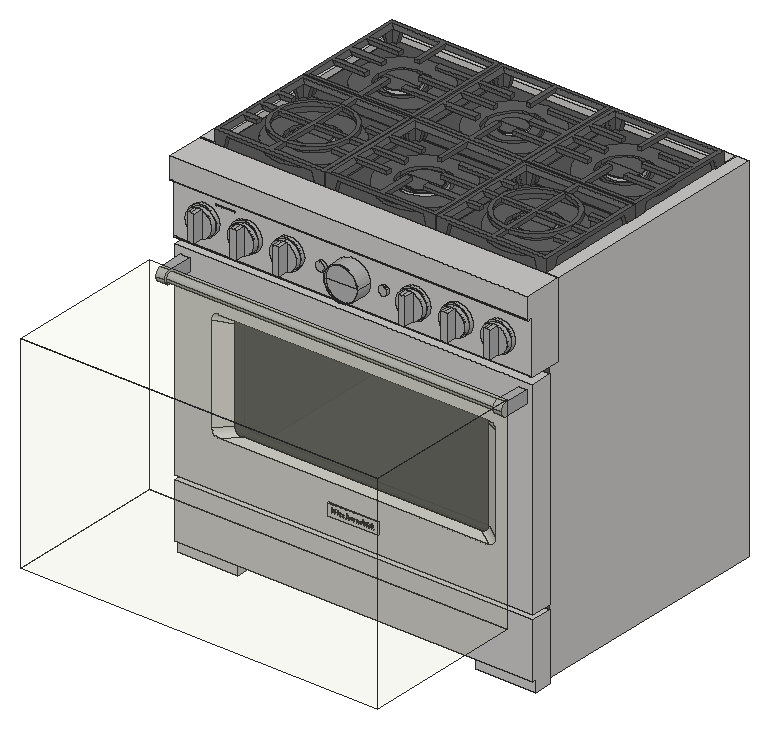
Revit family "P191568KX-127c_KFDC506J", category Specialty Equipment, Revit 2026 (continued)
Automatic sketch dimensions
  Revolve 40 sketch curve to Revolve 40 sketch curve = 0.06576"  (x2)
  level to Revolve 40 sketch curve = 1.37674"  (x2)
  Revolve 40 sketch curve to Revolve 40 sketch curve = 0.0842"  (x2)
  level to Revolve 40 sketch curve = 1.50218"
  Revolve 40 sketch curve to Revolve 40 sketch curve = 0.08784"  (x2)
  Revolve 40 sketch curve to Revolve 40 sketch curve = 21/32"
  Revolve 40 sketch curve to Revolve 40 sketch curve = 0.17253"  (x2)
  Revolve 40 sketch curve to Revolve 40 sketch curve = 0.12544"
  Revolve 40 sketch curve to Revolve 40 sketch curve = 0.49782"
  Revolve 40 sketch curve to Revolve 40 sketch curve = 0.09134"
  Revolve 40 sketch curve to Revolve 40 sketch curve = 0.10596"
  Revolve 40 sketch curve to Revolve 40 sketch curve = 0"
  Extrusion 41 sketch curve to plane 5 = 8.9938"
  Extrusion 41 sketch curve to Extrusion 41 sketch curve = 1/4"  (x7)
  Extrusion 41 sketch curve to Extrusion 41 sketch curve = 1.94595"
  Extrusion 41 sketch curve to Extrusion 41 sketch curve = 0"
  Extrusion 42 sketch curve to plane 5 = 3.15"
  Extrusion 42 sketch curve to Extrusion 42 sketch curve = 2.1"
  level to Extrusion 42 sketch curve = 7 1/8"
  plane 7 to Extrusion 42 sketch curve = 8 3/16"
  plane 1 "Center (Front/Back)" to Extrusion 45 sketch curve = 1.6"
  Extrusion 45 sketch curve to plane 3 "Center (Left/Right)" = 5 1/2"
  plane 3 "Center (Left/Right)" to Extrusion 45 sketch curve = 5 1/2"
  Extrusion 45 sketch curve to Extrusion 45 sketch curve = 11"
  plane 1 "Center (Front/Back)" to Extrusion 46 sketch curve = 1.6"
  plane 3 "Center (Left/Right)" to Extrusion 46 sketch curve = 5.65"
  Extrusion 46 sketch curve to plane 8 = 1.2875"
  Extrusion 46 sketch curve to Extrusion 46 sketch curve = 11"
  plane 4 to Extrusion 47 sketch curve = 1.2875"
  Extrusion 47 sketch curve to plane 3 "Center (Left/Right)" = 5.65"
  Extrusion 47 sketch curve to plane 5 = 6 1/2"
  Extrusion 47 sketch curve to Extrusion 47 sketch curve = 11"
  Extrusion 48 sketch curve to plane 3 "Center (Left/Right)" = 5 1/2"
  plane 3 "Center (Left/Right)" to Extrusion 48 sketch curve = 5 1/2"
  Extrusion 48 sketch curve to plane 5 = 6 1/2"
  Extrusion 48 sketch curve to Extrusion 48 sketch curve = 11"
  plane 3 "Center (Left/Right)" to Extrusion 49 sketch curve = 5.65"
  Extrusion 49 sketch curve to plane 8 = 1.2875"
  Extrusion 49 sketch curve to plane 5 = 6 1/2"
  Extrusion 49 sketch curve to Extrusion 49 sketch curve = 11"
  plane 1 "Center (Front/Back)" to Sweep 50 sketch curve = 1.6"
  Sweep 50 sketch curve to plane 3 "Center (Left/Right)" = 5.65"
  Sweep 50 sketch curve to Sweep 50 sketch curve = 11"
  plane 4 to Sweep 50 sketch curve = 1.2875"
  Sweep 50 sketch curve to profile plane = 0"  (x2)
  Sweep 50 sketch curve to Sweep 50 sketch curve = 0.35"
  Sweep 50 sketch curve to Sweep 50 sketch curve = 0.24507"
  Sweep 50 sketch curve to profile plane = 0.35"
  plane 7 to Extrusion 51 sketch curve = 0.48646"
  plane 4 to Extrusion 51 sketch curve = 1.2875"
  Extrusion 51 sketch curve to Extrusion 51 sketch curve = 0.86965"
  Extrusion 51 sketch curve to Extrusion 51 sketch curve = 1.22441"
  Extrusion 51 sketch curve to plane 7 = 0.8375"
  plane 7 to Extrusion 52 sketch curve = 0.48646"
  plane 1 "Center (Front/Back)" to Extrusion 52 sketch curve = 1.6"
  Extrusion 52 sketch curve to Extrusion 52 sketch curve = 0.86965"
  Extrusion 52 sketch curve to Extrusion 52 sketch curve = 1.22441"
  Extrusion 52 sketch curve to plane 7 = 0.8375"
  plane 7 to Extrusion 53 sketch curve = 0.48646"
  plane 4 to Extrusion 53 sketch curve = 1.2875"
  Extrusion 53 sketch curve to Extrusion 53 sketch curve = 0.86965"
  Extrusion 53 sketch curve to Extrusion 53 sketch curve = 1.22441"
  Extrusion 53 sketch curve to plane 7 = 0.8375"
  plane 7 to Extrusion 54 sketch curve = 0.48646"
  plane 1 "Center (Front/Back)" to Extrusion 54 sketch curve = 12.6"
  Extrusion 54 sketch curve to Extrusion 54 sketch curve = 0.86965"
  Extrusion 54 sketch curve to Extrusion 54 sketch curve = 1.22441"
  Extrusion 54 sketch curve to plane 7 = 0.8375"
  plane 7 to Extrusion 55 sketch curve = 0.48646"
  Extrusion 55 sketch curve to plane 3 "Center (Left/Right)" = 5.65"
  Extrusion 55 sketch curve to Extrusion 55 sketch curve = 0.86965"
  Extrusion 55 sketch curve to Extrusion 55 sketch curve = 1.22441"
  Extrusion 55 sketch curve to plane 7 = 0.8375"
  plane 7 to Extrusion 56 sketch curve = 0.48646"
  plane 1 "Center (Front/Back)" to Extrusion 56 sketch curve = 1.6"
  Extrusion 56 sketch curve to Extrusion 56 sketch curve = 0.86965"
  Extrusion 56 sketch curve to Extrusion 56 sketch curve = 1.22441"
  Extrusion 56 sketch curve to plane 7 = 0.8375"
  plane 7 to Extrusion 57 sketch curve = 0.48646"
  Extrusion 57 sketch curve to plane 3 "Center (Left/Right)" = 5.65"
  Extrusion 57 sketch curve to Extrusion 57 sketch curve = 0.86965"
  Extrusion 57 sketch curve to Extrusion 57 sketch curve = 1.22441"
  Extrusion 57 sketch curve to plane 7 = 0.8375"
  plane 7 to Extrusion 58 sketch curve = 0.48646"
  plane 1 "Center (Front/Back)" to Extrusion 58 sketch curve = 12.6"
  Extrusion 58 sketch curve to Extrusion 58 sketch curve = 0.86965"
  Extrusion 58 sketch curve to Extrusion 58 sketch curve = 1.22441"
  Extrusion 58 sketch curve to plane 7 = 0.8375"
  plane 1 "Center (Front/Back)" to Extrusion 59 sketch curve = 6 7/8"
  Extrusion 59 sketch curve to Extrusion 59 sketch curve = 0.45"
  plane 4 to Extrusion 59 sketch curve = 1.6375"
  Extrusion 59 sketch curve to Extrusion 59 sketch curve = 3.3"
  plane 1 "Center (Front/Back)" to Extrusion 60 sketch curve = 9.025"
  Extrusion 60 sketch curve to Extrusion 60 sketch curve = 0.45"
  plane 4 to Extrusion 60 sketch curve = 1.6375"
  Extrusion 60 sketch curve to Extrusion 60 sketch curve = 3.3"
  plane 1 "Center (Front/Back)" to Extrusion 61 sketch curve = 5.175"
  Extrusion 61 sketch curve to Extrusion 61 sketch curve = 0.45"
  plane 4 to Extrusion 61 sketch curve = 4 15/16"
  plane 4 to Extrusion 61 sketch curve = 1.6375"
  plane 4 to Extrusion 62 sketch curve = 6 9/16"
  Extrusion 62 sketch curve to Extrusion 62 sketch curve = 0.45"
  plane 1 "Center (Front/Back)" to Extrusion 62 sketch curve = 5.2"
  plane 1 "Center (Front/Back)" to Extrusion 62 sketch curve = 1.95"
  Extrusion 63 sketch curve to Extrusion 63 sketch curve = 0"  (x2)
  plane 4 to Extrusion 63 sketch curve = 6.7875"
  plane 1 "Center (Front/Back)" to Extrusion 63 sketch curve = 7.1"
  Extrusion 64 sketch curve to Extrusion 64 sketch curve = 0"  (x2)
  plane 4 to Extrusion 64 sketch curve = 6.7875"
  plane 1 "Center (Front/Back)" to Extrusion 64 sketch curve = 7.1"
  plane 7 to Revolve 65 sketch curve = 0.48646"
  plane 4 to Revolve 65 sketch curve = 6.7875"
  Revolve 65 sketch curve to plane 7 = 0.14889"
  Revolve 65 sketch curve to Revolve 65 sketch curve = 1.64255"
  Revolve 65 sketch curve to Revolve 65 sketch curve = 0.06057"  (x2)
  Revolve 65 sketch curve to Revolve 65 sketch curve = 0"
  Revolve 65 sketch curve to Revolve 65 sketch curve = 0.41094"
  Revolve 65 sketch curve to Revolve 65 sketch curve = 0.8806"
  plane 1 "Center (Front/Back)" to Extrusion 66 sketch curve = 6 7/8"
  Extrusion 66 sketch curve to Extrusion 66 sketch curve = 0.45"
  plane 4 to Extrusion 66 sketch curve = 8.6375"
  Extrusion 66 sketch curve to Extrusion 66 sketch curve = 3.3"
  plane 1 "Center (Front/Back)" to Extrusion 67 sketch curve = 9.025"
  Extrusion 67 sketch curve to Extrusion 67 sketch curve = 0.45"
  plane 4 to Extrusion 67 sketch curve = 8.6375"
  Extrusion 67 sketch curve to Extrusion 67 sketch curve = 3.3"
  plane 1 "Center (Front/Back)" to Extrusion 68 sketch curve = 5.175"
  Extrusion 68 sketch curve to Extrusion 68 sketch curve = 0.45"
  Extrusion 68 sketch curve to plane 3 "Center (Left/Right)" = 6"
  Extrusion 68 sketch curve to Extrusion 68 sketch curve = 3.3"
  plane 4 to Extrusion 69 sketch curve = 6 9/16"
  Extrusion 69 sketch curve to Extrusion 69 sketch curve = 0.45"
  plane 1 "Center (Front/Back)" to Extrusion 69 sketch curve = 12 1/4"
  Extrusion 69 sketch curve to Extrusion 69 sketch curve = 3 1/4"
  plane 1 "Center (Front/Back)" to Sweep 70 sketch curve = 1.6"
  Sweep 70 sketch curve to plane 8 = 1.2875"
  Sweep 70 sketch curve to Sweep 70 sketch curve = 11"
  plane 3 "Center (Left/Right)" to Sweep 70 sketch curve = 5.65"
  Sweep 70 sketch curve to profile plane = 0"  (x2)
  Sweep 70 sketch curve to Sweep 70 sketch curve = 0.35"
  Sweep 70 sketch curve to Sweep 70 sketch curve = 0.24507"
  Sweep 70 sketch curve to profile plane = 0.35"
  plane 7 to Extrusion 71 sketch curve = 0.48646"
  plane 3 "Center (Left/Right)" to Extrusion 71 sketch curve = 5.65"
  Extrusion 71 sketch curve to Extrusion 71 sketch curve = 0.86965"
  Extrusion 71 sketch curve to Extrusion 71 sketch curve = 1.22441"
  Extrusion 71 sketch curve to plane 7 = 0.8375"
  plane 7 to Extrusion 72 sketch curve = 0.48646"
  plane 1 "Center (Front/Back)" to Extrusion 72 sketch curve = 1.6"
  Extrusion 72 sketch curve to Extrusion 72 sketch curve = 0.86965"
  Extrusion 72 sketch curve to Extrusion 72 sketch curve = 1.22441"
  Extrusion 72 sketch curve to plane 7 = 0.8375"
  plane 7 to Extrusion 73 sketch curve = 0.48646"
  plane 3 "Center (Left/Right)" to Extrusion 73 sketch curve = 5.65"
  Extrusion 73 sketch curve to Extrusion 73 sketch curve = 0.86965"
  Extrusion 73 sketch curve to Extrusion 73 sketch curve = 1.22441"
  Extrusion 73 sketch curve to plane 7 = 0.8375"
  plane 7 to Extrusion 74 sketch curve = 0.48646"
  plane 1 "Center (Front/Back)" to Extrusion 74 sketch curve = 12.6"
  Extrusion 74 sketch curve to Extrusion 74 sketch curve = 0.86965"
  Extrusion 74 sketch curve to Extrusion 74 sketch curve = 1.22441"
  Extrusion 74 sketch curve to plane 7 = 0.8375"
  plane 7 to Extrusion 75 sketch curve = 0.48646"
  Extrusion 75 sketch curve to plane 8 = 1.2875"
  Extrusion 75 sketch curve to Extrusion 75 sketch curve = 0.86965"
  Extrusion 75 sketch curve to Extrusion 75 sketch curve = 1.22441"
  Extrusion 75 sketch curve to plane 7 = 0.8375"
  plane 7 to Extrusion 76 sketch curve = 0.48646"
  plane 1 "Center (Front/Back)" to Extrusion 76 sketch curve = 1.6"
  Extrusion 76 sketch curve to Extrusion 76 sketch curve = 0.86965"
  Extrusion 76 sketch curve to Extrusion 76 sketch curve = 1.22441"
  Extrusion 76 sketch curve to plane 7 = 0.8375"
  plane 7 to Extrusion 77 sketch curve = 0.48646"
  Extrusion 77 sketch curve to plane 8 = 1.2875"
  Extrusion 77 sketch curve to Extrusion 77 sketch curve = 0.86965"
  Extrusion 77 sketch curve to Extrusion 77 sketch curve = 1.22441"
  Extrusion 77 sketch curve to plane 7 = 0.8375"
  plane 7 to Extrusion 78 sketch curve = 0.48646"
  plane 1 "Center (Front/Back)" to Extrusion 78 sketch curve = 12.6"
  Extrusion 78 sketch curve to Extrusion 78 sketch curve = 0.86965"
  Extrusion 78 sketch curve to Extrusion 78 sketch curve = 1.22441"
  Extrusion 78 sketch curve to plane 7 = 0.8375"
  plane 1 "Center (Front/Back)" to Extrusion 79 sketch curve = 6 7/8"
  Extrusion 79 sketch curve to Extrusion 79 sketch curve = 0.45"
  plane 3 "Center (Left/Right)" to Extrusion 79 sketch curve = 6"
  Extrusion 79 sketch curve to Extrusion 79 sketch curve = 3.3"
  plane 1 "Center (Front/Back)" to Extrusion 80 sketch curve = 9.025"
  Extrusion 80 sketch curve to Extrusion 80 sketch curve = 0.45"
  plane 3 "Center (Left/Right)" to Extrusion 80 sketch curve = 6"
  Extrusion 80 sketch curve to Extrusion 80 sketch curve = 3.3"
  plane 1 "Center (Front/Back)" to Extrusion 81 sketch curve = 5.175"
  Extrusion 81 sketch curve to Extrusion 81 sketch curve = 0.45"
  Extrusion 81 sketch curve to plane 8 = 8.6375"
  Extrusion 81 sketch curve to Extrusion 81 sketch curve = 3.3"
  Extrusion 82 sketch curve to plane 8 = 7.0125"
  Extrusion 82 sketch curve to Extrusion 82 sketch curve = 0.45"
  plane 1 "Center (Front/Back)" to Extrusion 82 sketch curve = 5.2"
  plane 1 "Center (Front/Back)" to Extrusion 82 sketch curve = 1.95"
  Extrusion 83 sketch curve to Extrusion 83 sketch curve = 0"  (x2)
  Extrusion 83 sketch curve to plane 8 = 6.7875"
  plane 1 "Center (Front/Back)" to Extrusion 83 sketch curve = 7.1"
  Extrusion 84 sketch curve to Extrusion 84 sketch curve = 0"  (x2)
  Extrusion 84 sketch curve to plane 8 = 6.7875"
  plane 1 "Center (Front/Back)" to Extrusion 84 sketch curve = 7.1"
  plane 7 to Revolve 85 sketch curve = 0.48646"
  Revolve 85 sketch curve to plane 8 = 6.7875"
  Revolve 85 sketch curve to plane 7 = 0.14889"
  Revolve 85 sketch curve to Revolve 85 sketch curve = 1.64255"
  Revolve 85 sketch curve to Revolve 85 sketch curve = 0.06057"  (x2)
  Revolve 85 sketch curve to Revolve 85 sketch curve = 0"
  Revolve 85 sketch curve to Revolve 85 sketch curve = 0.41094"
  Revolve 85 sketch curve to Revolve 85 sketch curve = 0.8806"
  plane 1 "Center (Front/Back)" to Extrusion 86 sketch curve = 6 7/8"
  Extrusion 86 sketch curve to Extrusion 86 sketch curve = 0.45"
  Extrusion 86 sketch curve to plane 8 = 4 15/16"
  Extrusion 86 sketch curve to plane 8 = 1.6375"
  plane 1 "Center (Front/Back)" to Extrusion 87 sketch curve = 9.025"
  Extrusion 87 sketch curve to Extrusion 87 sketch curve = 0.45"
  Extrusion 87 sketch curve to plane 8 = 4 15/16"
  Extrusion 87 sketch curve to plane 8 = 1.6375"
  plane 1 "Center (Front/Back)" to Extrusion 88 sketch curve = 5.175"
  Extrusion 88 sketch curve to Extrusion 88 sketch curve = 0.45"
  Extrusion 88 sketch curve to plane 8 = 1.6375"
  Extrusion 88 sketch curve to Extrusion 88 sketch curve = 3.3"
  Extrusion 89 sketch curve to plane 8 = 7.0125"
  Extrusion 89 sketch curve to Extrusion 89 sketch curve = 0.45"
  plane 1 "Center (Front/Back)" to Extrusion 89 sketch curve = 12 1/4"
  Extrusion 89 sketch curve to Extrusion 89 sketch curve = 3 1/4"
  Sweep 90 sketch curve to plane 3 "Center (Left/Right)" = 5 1/2"
  plane 1 "Center (Front/Back)" to Sweep 90 sketch curve = 12 3/4"
  Sweep 90 sketch curve to plane 5 = 6 1/2"
  plane 3 "Center (Left/Right)" to Sweep 90 sketch curve = 5 1/2"
  Sweep 90 sketch curve to profile plane = 0"  (x2)
  Sweep 90 sketch curve to Sweep 90 sketch curve = 0.35"
  Sweep 90 sketch curve to Sweep 90 sketch curve = 0.24507"
  Sweep 90 sketch curve to profile plane = 0.35"
  plane 7 to Extrusion 91 sketch curve = 0.48646"
  Extrusion 91 sketch curve to plane 3 "Center (Left/Right)" = 5 1/2"
  Extrusion 91 sketch curve to Extrusion 91 sketch curve = 0.86965"
  Extrusion 91 sketch curve to Extrusion 91 sketch curve = 1.22441"
  Extrusion 91 sketch curve to plane 7 = 0.8375"
  plane 7 to Extrusion 92 sketch curve = 0.48646"
  plane 1 "Center (Front/Back)" to Extrusion 92 sketch curve = 12 3/4"
  Extrusion 92 sketch curve to Extrusion 92 sketch curve = 0.86965"
  Extrusion 92 sketch curve to Extrusion 92 sketch curve = 1.22441"
  Extrusion 92 sketch curve to plane 7 = 0.8375"
  plane 7 to Extrusion 93 sketch curve = 0.48646"
  Extrusion 93 sketch curve to plane 3 "Center (Left/Right)" = 5 1/2"
  Extrusion 93 sketch curve to Extrusion 93 sketch curve = 0.86965"
  Extrusion 93 sketch curve to Extrusion 93 sketch curve = 1.22441"
  Extrusion 93 sketch curve to plane 7 = 0.8375"
  plane 7 to Extrusion 94 sketch curve = 0.48646"
  Extrusion 94 sketch curve to plane 5 = 6 1/2"
  Extrusion 94 sketch curve to Extrusion 94 sketch curve = 0.86965"
  Extrusion 94 sketch curve to Extrusion 94 sketch curve = 1.22441"
  Extrusion 94 sketch curve to plane 7 = 0.8375"
  plane 7 to Extrusion 95 sketch curve = 0.48646"
  plane 3 "Center (Left/Right)" to Extrusion 95 sketch curve = 5 1/2"
  Extrusion 95 sketch curve to Extrusion 95 sketch curve = 0.86965"
  Extrusion 95 sketch curve to Extrusion 95 sketch curve = 1.22441"
  Extrusion 95 sketch curve to plane 7 = 0.8375"
  plane 7 to Extrusion 96 sketch curve = 0.48646"
  plane 1 "Center (Front/Back)" to Extrusion 96 sketch curve = 12 3/4"
  Extrusion 96 sketch curve to Extrusion 96 sketch curve = 0.86965"
  Extrusion 96 sketch curve to Extrusion 96 sketch curve = 1.22441"
  Extrusion 96 sketch curve to plane 7 = 0.8375"
  plane 7 to Extrusion 97 sketch curve = 0.48646"
  plane 3 "Center (Left/Right)" to Extrusion 97 sketch curve = 5 1/2"
  Extrusion 97 sketch curve to Extrusion 97 sketch curve = 0.86965"
  Extrusion 97 sketch curve to Extrusion 97 sketch curve = 1.22441"
  Extrusion 97 sketch curve to plane 7 = 0.8375"
  plane 7 to Extrusion 98 sketch curve = 0.48646"
  Extrusion 98 sketch curve to plane 5 = 6 1/2"
  Extrusion 98 sketch curve to Extrusion 98 sketch curve = 0.86965"
  Extrusion 98 sketch curve to Extrusion 98 sketch curve = 1.22441"
  Extrusion 98 sketch curve to plane 7 = 0.8375"
  Extrusion 99 sketch curve to plane 3 "Center (Left/Right)" = 1.85"
  Extrusion 99 sketch curve to plane 5 = 12.225"
  Extrusion 99 sketch curve to Extrusion 99 sketch curve = 0.45"
  Extrusion 99 sketch curve to Extrusion 99 sketch curve = 3.3"
  Extrusion 100 sketch curve to plane 3 "Center (Left/Right)" = 1.85"
  Extrusion 100 sketch curve to plane 5 = 10.075"
  Extrusion 100 sketch curve to Extrusion 100 sketch curve = 0.45"
  Extrusion 100 sketch curve to Extrusion 100 sketch curve = 3.3"
  Extrusion 101 sketch curve to plane 3 "Center (Left/Right)" = 1.85"
  Extrusion 101 sketch curve to plane 5 = 13.925"
  Extrusion 101 sketch curve to Extrusion 101 sketch curve = 0.45"
  Extrusion 101 sketch curve to Extrusion 101 sketch curve = 3.3"
  Extrusion 102 sketch curve to plane 3 "Center (Left/Right)" = 0.225"
  plane 3 "Center (Left/Right)" to Extrusion 102 sketch curve = 0.225"
  Extrusion 102 sketch curve to plane 5 = 13.9"
  Extrusion 102 sketch curve to Extrusion 102 sketch curve = 3 1/4"
  Extrusion 103 sketch curve to Extrusion 103 sketch curve = 0"  (x2)
  plane 3 "Center (Left/Right)" to Extrusion 103 sketch curve = 0"
  Extrusion 103 sketch curve to plane 5 = 12"
  Extrusion 104 sketch curve to Extrusion 104 sketch curve = 0"  (x2)
  plane 3 "Center (Left/Right)" to Extrusion 104 sketch curve = 0"
  Extrusion 104 sketch curve to plane 5 = 12"
  plane 3 "Center (Left/Right)" to Revolve 105 sketch curve = 0"  (x2)
  plane 7 to Revolve 105 sketch curve = 0.00111"
  Revolve 105 sketch curve to plane 3 "Center (Left/Right)" = 1.64255"
  Revolve 105 sketch curve to Revolve 105 sketch curve = 0.06057"
  plane 7 to Revolve 105 sketch curve = 0.06168"
  Revolve 105 sketch curve to Revolve 105 sketch curve = 0.48535"
  Revolve 105 sketch curve to Revolve 105 sketch curve = 0.41094"
  Revolve 105 sketch curve to plane 7 = 1.02949"
  plane 3 "Center (Left/Right)" to Extrusion 106 sketch curve = 1.85"
  Extrusion 106 sketch curve to plane 5 = 12.225"
  Extrusion 106 sketch curve to Extrusion 106 sketch curve = 0.45"
  Extrusion 106 sketch curve to Extrusion 106 sketch curve = 3.3"
  plane 3 "Center (Left/Right)" to Extrusion 107 sketch curve = 1.85"
  Extrusion 107 sketch curve to plane 5 = 10.075"
  Extrusion 107 sketch curve to Extrusion 107 sketch curve = 0.45"
  Extrusion 107 sketch curve to Extrusion 107 sketch curve = 3.3"
  plane 3 "Center (Left/Right)" to Extrusion 108 sketch curve = 1.85"
  Extrusion 108 sketch curve to plane 5 = 13.925"
  Extrusion 108 sketch curve to Extrusion 108 sketch curve = 0.45"
  Extrusion 108 sketch curve to Extrusion 108 sketch curve = 3.3"
  Extrusion 109 sketch curve to plane 3 "Center (Left/Right)" = 0.225"
  plane 3 "Center (Left/Right)" to Extrusion 109 sketch curve = 0.225"
  Extrusion 109 sketch curve to plane 5 = 6.85"
  Extrusion 109 sketch curve to Extrusion 109 sketch curve = 3 1/4"
  plane 1 "Center (Front/Back)" to Sweep 110 sketch curve = 1.6"
  Sweep 110 sketch curve to Sweep 110 sketch curve = 11"
  Sweep 110 sketch curve to plane 3 "Center (Left/Right)" = 5 1/2"
  plane 3 "Center (Left/Right)" to Sweep 110 sketch curve = 5 1/2"
  Sweep 110 sketch curve to profile plane = 0"  (x2)
  Sweep 110 sketch curve to Sweep 110 sketch curve = 0.35"
  Sweep 110 sketch curve to Sweep 110 sketch curve = 0.24507"
  Sweep 110 sketch curve to profile plane = 0.35"
  plane 7 to Extrusion 111 sketch curve = 0.48646"
  Extrusion 111 sketch curve to plane 3 "Center (Left/Right)" = 5 1/2"
  Extrusion 111 sketch curve to Extrusion 111 sketch curve = 0.86965"
  Extrusion 111 sketch curve to Extrusion 111 sketch curve = 1.22441"
  Extrusion 111 sketch curve to plane 7 = 0.8375"
  plane 7 to Extrusion 112 sketch curve = 0.48646"
  plane 1 "Center (Front/Back)" to Extrusion 112 sketch curve = 1.6"
  Extrusion 112 sketch curve to Extrusion 112 sketch curve = 0.86965"
  Extrusion 112 sketch curve to Extrusion 112 sketch curve = 1.22441"
  Extrusion 112 sketch curve to plane 7 = 0.8375"
  plane 7 to Extrusion 113 sketch curve = 0.48646"
  Extrusion 113 sketch curve to plane 3 "Center (Left/Right)" = 5 1/2"
  Extrusion 113 sketch curve to Extrusion 113 sketch curve = 0.86965"
  Extrusion 113 sketch curve to Extrusion 113 sketch curve = 1.22441"
  Extrusion 113 sketch curve to plane 7 = 0.8375"
  plane 7 to Extrusion 114 sketch curve = 0.48646"
  plane 1 "Center (Front/Back)" to Extrusion 114 sketch curve = 12.6"
  Extrusion 114 sketch curve to Extrusion 114 sketch curve = 0.86965"
  Extrusion 114 sketch curve to Extrusion 114 sketch curve = 1.22441"
  Extrusion 114 sketch curve to plane 7 = 0.8375"
  plane 7 to Extrusion 115 sketch curve = 0.48646"
  plane 3 "Center (Left/Right)" to Extrusion 115 sketch curve = 5 1/2"
  Extrusion 115 sketch curve to Extrusion 115 sketch curve = 0.86965"
  Extrusion 115 sketch curve to Extrusion 115 sketch curve = 1.22441"
  Extrusion 115 sketch curve to plane 7 = 0.8375"
  plane 7 to Extrusion 116 sketch curve = 0.48646"
  plane 1 "Center (Front/Back)" to Extrusion 116 sketch curve = 1.6"
  Extrusion 116 sketch curve to Extrusion 116 sketch curve = 0.86965"
  Extrusion 116 sketch curve to Extrusion 116 sketch curve = 1.22441"
  Extrusion 116 sketch curve to plane 7 = 0.8375"
  plane 7 to Extrusion 117 sketch curve = 0.48646"
  plane 3 "Center (Left/Right)" to Extrusion 117 sketch curve = 5 1/2"
  Extrusion 117 sketch curve to Extrusion 117 sketch curve = 0.86965"
  Extrusion 117 sketch curve to Extrusion 117 sketch curve = 1.22441"
  Extrusion 117 sketch curve to plane 7 = 0.8375"
  plane 7 to Extrusion 118 sketch curve = 0.48646"
  plane 1 "Center (Front/Back)" to Extrusion 118 sketch curve = 12.6"
  Extrusion 118 sketch curve to Extrusion 118 sketch curve = 0.86965"
  Extrusion 118 sketch curve to Extrusion 118 sketch curve = 1.22441"
  Extrusion 118 sketch curve to plane 7 = 0.8375"
  Extrusion 119 sketch curve to plane 3 "Center (Left/Right)" = 1.85"
  plane 1 "Center (Front/Back)" to Extrusion 119 sketch curve = 6 7/8"
  Extrusion 119 sketch curve to Extrusion 119 sketch curve = 0.45"
  Extrusion 119 sketch curve to Extrusion 119 sketch curve = 3.3"
  Extrusion 120 sketch curve to plane 3 "Center (Left/Right)" = 1.85"
  plane 1 "Center (Front/Back)" to Extrusion 120 sketch curve = 9.025"
  Extrusion 120 sketch curve to Extrusion 120 sketch curve = 0.45"
  Extrusion 120 sketch curve to Extrusion 120 sketch curve = 3.3"
  Extrusion 121 sketch curve to plane 3 "Center (Left/Right)" = 1.85"
  plane 1 "Center (Front/Back)" to Extrusion 121 sketch curve = 5.175"
  Extrusion 121 sketch curve to Extrusion 121 sketch curve = 0.45"
  Extrusion 121 sketch curve to Extrusion 121 sketch curve = 3.3"
  Extrusion 122 sketch curve to plane 3 "Center (Left/Right)" = 0.225"
  plane 3 "Center (Left/Right)" to Extrusion 122 sketch curve = 0.225"
  plane 1 "Center (Front/Back)" to Extrusion 122 sketch curve = 5.2"
  plane 1 "Center (Front/Back)" to Extrusion 122 sketch curve = 1.95"
  plane 3 "Center (Left/Right)" to Extrusion 123 sketch curve = 1.85"
  plane 1 "Center (Front/Back)" to Extrusion 123 sketch curve = 6 7/8"
  Extrusion 123 sketch curve to Extrusion 123 sketch curve = 0.45"
  Extrusion 123 sketch curve to Extrusion 123 sketch curve = 3.3"
  plane 3 "Center (Left/Right)" to Extrusion 124 sketch curve = 1.85"
  plane 1 "Center (Front/Back)" to Extrusion 124 sketch curve = 9.025"
  Extrusion 124 sketch curve to Extrusion 124 sketch curve = 0.45"
  Extrusion 124 sketch curve to Extrusion 124 sketch curve = 3.3"
  plane 3 "Center (Left/Right)" to Extrusion 125 sketch curve = 1.85"
  plane 1 "Center (Front/Back)" to Extrusion 125 sketch curve = 5.175"
  Extrusion 125 sketch curve to Extrusion 125 sketch curve = 0.45"
  Extrusion 125 sketch curve to Extrusion 125 sketch curve = 3.3"
  Extrusion 126 sketch curve to plane 3 "Center (Left/Right)" = 0.225"
  plane 3 "Center (Left/Right)" to Extrusion 126 sketch curve = 0.225"
  plane 1 "Center (Front/Back)" to Extrusion 126 sketch curve = 12 1/4"
  Extrusion 126 sketch curve to Extrusion 126 sketch curve = 3 1/4"
  plane 3 "Center (Left/Right)" to Sweep 127 sketch curve = 5.65"
  plane 1 "Center (Front/Back)" to Sweep 127 sketch curve = 12 3/4"
  Sweep 127 sketch curve to plane 8 = 1.2875"
  Sweep 127 sketch curve to plane 5 = 6 1/2"
  Sweep 127 sketch curve to profile plane = 0"  (x2)
  Sweep 127 sketch curve to Sweep 127 sketch curve = 0.35"
  Sweep 127 sketch curve to Sweep 127 sketch curve = 0.24507"
  Sweep 127 sketch curve to profile plane = 0.35"
  plane 7 to Extrusion 128 sketch curve = 0.48646"
  plane 3 "Center (Left/Right)" to Extrusion 128 sketch curve = 5.65"
  Extrusion 128 sketch curve to Extrusion 128 sketch curve = 0.86965"
  Extrusion 128 sketch curve to Extrusion 128 sketch curve = 1.22441"
  Extrusion 128 sketch curve to plane 7 = 0.8375"
  plane 7 to Extrusion 129 sketch curve = 0.48646"
  plane 1 "Center (Front/Back)" to Extrusion 129 sketch curve = 12 3/4"
  Extrusion 129 sketch curve to Extrusion 129 sketch curve = 0.86965"
  Extrusion 129 sketch curve to Extrusion 129 sketch curve = 1.22441"
  Extrusion 129 sketch curve to plane 7 = 0.8375"
  plane 7 to Extrusion 130 sketch curve = 0.48646"
  plane 3 "Center (Left/Right)" to Extrusion 130 sketch curve = 5.65"
  Extrusion 130 sketch curve to Extrusion 130 sketch curve = 0.86965"
  Extrusion 130 sketch curve to Extrusion 130 sketch curve = 1.22441"
  Extrusion 130 sketch curve to plane 7 = 0.8375"
  plane 7 to Extrusion 131 sketch curve = 0.48646"
  Extrusion 131 sketch curve to plane 5 = 6 1/2"
  Extrusion 131 sketch curve to Extrusion 131 sketch curve = 0.86965"
  Extrusion 131 sketch curve to Extrusion 131 sketch curve = 1.22441"
  Extrusion 131 sketch curve to plane 7 = 0.8375"
  plane 7 to Extrusion 132 sketch curve = 0.48646"
  Extrusion 132 sketch curve to plane 8 = 1.2875"
  Extrusion 132 sketch curve to Extrusion 132 sketch curve = 0.86965"
  Extrusion 132 sketch curve to Extrusion 132 sketch curve = 1.22441"
  Extrusion 132 sketch curve to plane 7 = 0.8375"
  plane 7 to Extrusion 133 sketch curve = 0.48646"
  plane 1 "Center (Front/Back)" to Extrusion 133 sketch curve = 12 3/4"
  Extrusion 133 sketch curve to Extrusion 133 sketch curve = 0.86965"
  Extrusion 133 sketch curve to Extrusion 133 sketch curve = 1.22441"
  Extrusion 133 sketch curve to plane 7 = 0.8375"
  plane 7 to Extrusion 134 sketch curve = 0.48646"
  Extrusion 134 sketch curve to plane 8 = 1.2875"
  Extrusion 134 sketch curve to Extrusion 134 sketch curve = 0.86965"
  Extrusion 134 sketch curve to Extrusion 134 sketch curve = 1.22441"
  Extrusion 134 sketch curve to plane 7 = 0.8375"
  plane 7 to Extrusion 135 sketch curve = 0.48646"
  Extrusion 135 sketch curve to plane 5 = 6 1/2"
  Extrusion 135 sketch curve to Extrusion 135 sketch curve = 0.86965"
  Extrusion 135 sketch curve to Extrusion 135 sketch curve = 1.22441"
  Extrusion 135 sketch curve to plane 7 = 0.8375"
  Extrusion 136 sketch curve to plane 5 = 12.225"
  Extrusion 136 sketch curve to Extrusion 136 sketch curve = 0.45"
  plane 3 "Center (Left/Right)" to Extrusion 136 sketch curve = 6"
  Extrusion 136 sketch curve to Extrusion 136 sketch curve = 1.4"
  Extrusion 137 sketch curve to plane 5 = 10.075"
  Extrusion 137 sketch curve to Extrusion 137 sketch curve = 0.45"
  plane 3 "Center (Left/Right)" to Extrusion 137 sketch curve = 6"
  Extrusion 137 sketch curve to Extrusion 137 sketch curve = 1.4"
  Extrusion 138 sketch curve to plane 5 = 13.925"
  Extrusion 138 sketch curve to Extrusion 138 sketch curve = 0.45"
  plane 3 "Center (Left/Right)" to Extrusion 138 sketch curve = 7.4"
  Extrusion 138 sketch curve to Extrusion 138 sketch curve = 1.4"
  Extrusion 139 sketch curve to plane 8 = 7.0125"
  Extrusion 139 sketch curve to Extrusion 139 sketch curve = 0.45"
  plane 1 "Center (Front/Back)" to Extrusion 139 sketch curve = 14 1/2"
  Extrusion 139 sketch curve to Extrusion 139 sketch curve = 1.4"
  Extrusion 140 sketch curve to Extrusion 140 sketch curve = 0"  (x2)
  Extrusion 140 sketch curve to plane 8 = 6.7875"
  Extrusion 140 sketch curve to plane 5 = 12"
  Extrusion 141 sketch curve to Extrusion 141 sketch curve = 0"  (x2)
  Extrusion 141 sketch curve to plane 8 = 6.7875"
  Extrusion 141 sketch curve to plane 5 = 12"
  plane 7 to Revolve 142 sketch curve = 0.48646"
  Revolve 142 sketch curve to plane 8 = 6.7875"
  Revolve 142 sketch curve to plane 7 = 0.14889"
  Revolve 142 sketch curve to Revolve 142 sketch curve = 1.64255"
  Revolve 142 sketch curve to Revolve 142 sketch curve = 0.06057"  (x2)
  Revolve 142 sketch curve to Revolve 142 sketch curve = 0"
  Revolve 142 sketch curve to Revolve 142 sketch curve = 0.41094"
  Revolve 142 sketch curve to Revolve 142 sketch curve = 0.8806"
  Extrusion 143 sketch curve to plane 8 = 3.0375"
  Extrusion 143 sketch curve to plane 5 = 12.225"
  Extrusion 143 sketch curve to Extrusion 143 sketch curve = 0.45"
  Extrusion 143 sketch curve to Extrusion 143 sketch curve = 1.4"
  Extrusion 144 sketch curve to plane 8 = 3.0375"
  Extrusion 144 sketch curve to plane 5 = 10.075"
  Extrusion 144 sketch curve to Extrusion 144 sketch curve = 0.45"
  Extrusion 144 sketch curve to Extrusion 144 sketch curve = 1.4"
  Extrusion 145 sketch curve to plane 8 = 3.0375"
  Extrusion 145 sketch curve to plane 5 = 13.925"
  Extrusion 145 sketch curve to Extrusion 145 sketch curve = 0.45"
  Extrusion 145 sketch curve to Extrusion 145 sketch curve = 1.4"
  Extrusion 146 sketch curve to plane 8 = 7.0125"
  Extrusion 146 sketch curve to Extrusion 146 sketch curve = 0.45"
  Extrusion 146 sketch curve to plane 5 = 6.85"
  Extrusion 146 sketch curve to Extrusion 146 sketch curve = 1.4"
  plane 4 to Sweep 147 sketch curve = 1.2875"
  plane 1 "Center (Front/Back)" to Sweep 147 sketch curve = 12 3/4"
  Sweep 147 sketch curve to plane 5 = 6 1/2"
  Sweep 147 sketch curve to plane 3 "Center (Left/Right)" = 5.65"
  Sweep 147 sketch curve to profile plane = 0"  (x2)
  Sweep 147 sketch curve to Sweep 147 sketch curve = 0.35"
  Sweep 147 sketch curve to Sweep 147 sketch curve = 0.24507"
  Sweep 147 sketch curve to profile plane = 0.35"
  plane 7 to Extrusion 148 sketch curve = 0.48646"
  plane 4 to Extrusion 148 sketch curve = 1.2875"
  Extrusion 148 sketch curve to Extrusion 148 sketch curve = 0.86965"
  Extrusion 148 sketch curve to Extrusion 148 sketch curve = 1.22441"
  Extrusion 148 sketch curve to plane 7 = 0.8375"
  plane 7 to Extrusion 149 sketch curve = 0.48646"
  plane 1 "Center (Front/Back)" to Extrusion 149 sketch curve = 12 3/4"
  Extrusion 149 sketch curve to Extrusion 149 sketch curve = 0.86965"
  Extrusion 149 sketch curve to Extrusion 149 sketch curve = 1.22441"
  Extrusion 149 sketch curve to plane 7 = 0.8375"
  plane 7 to Extrusion 150 sketch curve = 0.48646"
  plane 4 to Extrusion 150 sketch curve = 1.2875"
  Extrusion 150 sketch curve to Extrusion 150 sketch curve = 0.86965"
  Extrusion 150 sketch curve to Extrusion 150 sketch curve = 1.22441"
  Extrusion 150 sketch curve to plane 7 = 0.8375"
  plane 7 to Extrusion 151 sketch curve = 0.48646"
  Extrusion 151 sketch curve to plane 5 = 6 1/2"
  Extrusion 151 sketch curve to Extrusion 151 sketch curve = 0.86965"
  Extrusion 151 sketch curve to Extrusion 151 sketch curve = 1.22441"
  Extrusion 151 sketch curve to plane 7 = 0.8375"
  plane 7 to Extrusion 152 sketch curve = 0.48646"
  Extrusion 152 sketch curve to plane 3 "Center (Left/Right)" = 5.65"
  Extrusion 152 sketch curve to Extrusion 152 sketch curve = 0.86965"
  Extrusion 152 sketch curve to Extrusion 152 sketch curve = 1.22441"
  Extrusion 152 sketch curve to plane 7 = 0.8375"
  plane 7 to Extrusion 153 sketch curve = 0.48646"
  plane 1 "Center (Front/Back)" to Extrusion 153 sketch curve = 12 3/4"
  Extrusion 153 sketch curve to Extrusion 153 sketch curve = 0.86965"
  Extrusion 153 sketch curve to Extrusion 153 sketch curve = 1.22441"
  Extrusion 153 sketch curve to plane 7 = 0.8375"
  plane 7 to Extrusion 154 sketch curve = 0.48646"
  Extrusion 154 sketch curve to plane 3 "Center (Left/Right)" = 5.65"
  Extrusion 154 sketch curve to Extrusion 154 sketch curve = 0.86965"
  Extrusion 154 sketch curve to Extrusion 154 sketch curve = 1.22441"
  Extrusion 154 sketch curve to plane 7 = 0.8375"
  plane 7 to Extrusion 155 sketch curve = 0.48646"
  Extrusion 155 sketch curve to plane 5 = 6 1/2"
  Extrusion 155 sketch curve to Extrusion 155 sketch curve = 0.86965"
  Extrusion 155 sketch curve to Extrusion 155 sketch curve = 1.22441"
  Extrusion 155 sketch curve to plane 7 = 0.8375"
  Extrusion 156 sketch curve to Extrusion 156 sketch curve = 0"  (x2)
  plane 4 to Extrusion 156 sketch curve = 6.7875"
  Extrusion 156 sketch curve to plane 5 = 12"
  Extrusion 157 sketch curve to Extrusion 157 sketch curve = 0"  (x2)
  plane 4 to Extrusion 157 sketch curve = 6.7875"
  Extrusion 157 sketch curve to plane 5 = 12"
  plane 7 to Revolve 158 sketch curve = 0.48646"
  plane 4 to Revolve 158 sketch curve = 6.7875"
  Revolve 158 sketch curve to plane 7 = 0.14889"
  Revolve 158 sketch curve to Revolve 158 sketch curve = 1.64255"
  Revolve 158 sketch curve to Revolve 158 sketch curve = 0.06057"  (x2)
  Revolve 158 sketch curve to Revolve 158 sketch curve = 0"
  Revolve 158 sketch curve to Revolve 158 sketch curve = 0.41094"
  Revolve 158 sketch curve to Revolve 158 sketch curve = 0.8806"
  Extrusion 159 sketch curve to Extrusion 159 sketch curve = 0"  (x2)
  plane 3 "Center (Left/Right)" to Extrusion 159 sketch curve = 0"
  plane 1 "Center (Front/Back)" to Extrusion 159 sketch curve = 7.1"
  plane 3 "Center (Left/Right)" to Revolve 160 sketch curve = 0"  (x2)
  plane 7 to Revolve 160 sketch curve = 0.00111"
  Revolve 160 sketch curve to Revolve 160 sketch curve = 1.26755"
  Revolve 160 sketch curve to Revolve 160 sketch curve = 0.06057"
  plane 7 to Revolve 160 sketch curve = 0.06168"
  Revolve 160 sketch curve to Revolve 160 sketch curve = 0.42477"
  Revolve 160 sketch curve to Revolve 160 sketch curve = 0.41094"
  Revolve 160 sketch curve to plane 7 = 1.02949"
  Extrusion 161 sketch curve to Extrusion 161 sketch curve = 0"  (x2)
  plane 3 "Center (Left/Right)" to Extrusion 161 sketch curve = 0"
  plane 1 "Center (Front/Back)" to Extrusion 161 sketch curve = 7.1"
  Extrusion 162 sketch curve to Extrusion 162 sketch curve = 0"  (x2)
  Extrusion 162 sketch curve to plane 8 = 6.7875"
  Extrusion 162 sketch curve to plane 5 = 12"
  Extrusion 163 sketch curve to Extrusion 163 sketch curve = 0"  (x16)
  Extrusion 163 sketch curve to plane 8 = 6.9625"
  plane 1 "Center (Front/Back)" to Extrusion 163 sketch curve = 14.85607"
  Extrusion 163 sketch curve to Extrusion 163 sketch curve = 3.21893"  (x3)
  Extrusion 163 sketch curve to Extrusion 163 sketch curve = 0.175"  (x3)
  Extrusion 163 sketch curve to Extrusion 163 sketch curve = 0.35"
  Extrusion 163 sketch curve to plane 8 = 3.39357"
  plane 4 to Extrusion 164 sketch curve = 3.0375"
  Extrusion 164 sketch curve to plane 5 = 12.225"
  Extrusion 164 sketch curve to Extrusion 164 sketch curve = 0.45"
  Extrusion 164 sketch curve to Extrusion 164 sketch curve = 1.4"
  plane 4 to Extrusion 165 sketch curve = 3.0375"
  Extrusion 165 sketch curve to plane 5 = 10.075"
  Extrusion 165 sketch curve to Extrusion 165 sketch curve = 0.45"
  Extrusion 165 sketch curve to Extrusion 165 sketch curve = 1.4"
  plane 4 to Extrusion 166 sketch curve = 3.0375"
  Extrusion 166 sketch curve to plane 5 = 13.925"
  Extrusion 166 sketch curve to Extrusion 166 sketch curve = 0.45"
  Extrusion 166 sketch curve to Extrusion 166 sketch curve = 1.4"
  plane 4 to Extrusion 167 sketch curve = 6 9/16"
  Extrusion 167 sketch curve to Extrusion 167 sketch curve = 0.45"
  plane 1 "Center (Front/Back)" to Extrusion 167 sketch curve = 14 1/2"
  Extrusion 167 sketch curve to Extrusion 167 sketch curve = 1.4"
  Extrusion 168 sketch curve to plane 5 = 12.225"
  Extrusion 168 sketch curve to Extrusion 168 sketch curve = 0.45"
  Extrusion 168 sketch curve to plane 3 "Center (Left/Right)" = 7.4"
  Extrusion 168 sketch curve to Extrusion 168 sketch curve = 1.4"
  Extrusion 169 sketch curve to plane 5 = 10.075"
  Extrusion 169 sketch curve to Extrusion 169 sketch curve = 0.45"
  Extrusion 169 sketch curve to plane 3 "Center (Left/Right)" = 7.4"
  Extrusion 169 sketch curve to Extrusion 169 sketch curve = 1.4"
  Extrusion 170 sketch curve to plane 5 = 13.925"
  Extrusion 170 sketch curve to Extrusion 170 sketch curve = 0.45"
  Extrusion 170 sketch curve to plane 3 "Center (Left/Right)" = 6"
  Extrusion 170 sketch curve to Extrusion 170 sketch curve = 1.4"
  plane 4 to Extrusion 171 sketch curve = 6 9/16"
  Extrusion 171 sketch curve to Extrusion 171 sketch curve = 0.45"
  Extrusion 171 sketch curve to plane 5 = 6.85"
  Extrusion 171 sketch curve to Extrusion 171 sketch curve = 1.4"
  Extrusion 172 sketch curve to Extrusion 172 sketch curve = 0"  (x2)
  plane 4 to Extrusion 172 sketch curve = 6.7875"
  Extrusion 172 sketch curve to plane 5 = 12"
  Extrusion 173 sketch curve to Extrusion 173 sketch curve = 0"  (x16)
  plane 4 to Extrusion 173 sketch curve = 6.6125"
  plane 1 "Center (Front/Back)" to Extrusion 173 sketch curve = 14.85607"
  Extrusion 173 sketch curve to Extrusion 173 sketch curve = 3.21893"  (x4)
  Extrusion 173 sketch curve to Extrusion 173 sketch curve = 0.175"  (x3)
  Extrusion 173 sketch curve to Extrusion 173 sketch curve = 0.35"
  Extrusion 175 sketch curve to Extrusion 175 sketch curve = 0"  (x2)
  Extrusion 175 sketch curve to plane 5 = 0"
  Extrusion 175 sketch curve to plane 5 = 5/8"
  Extrusion 175 sketch curve to Extrusion 175 sketch curve = 2.525"
  plane 7 to Extrusion 175 sketch curve = 8 7/8"
  Extrusion 176 sketch curve to Extrusion 176 sketch curve = 0"  (x2)
  Extrusion 176 sketch curve to plane 5 = 0"
  Extrusion 176 sketch curve to plane 5 = 5/8"
  Extrusion 176 sketch curve to Extrusion 176 sketch curve = 2.525"
  plane 7 to Extrusion 176 sketch curve = 10 1/8"
  plane 7 to Extrusion 180 sketch curve = 4 203/256"
  Extrusion 180 sketch curve to plane 8 = 3.1125"
  Extrusion 181 sketch curve to Extrusion 181 sketch curve = 0"  (x2)
  Extrusion 181 sketch curve to Extrusion 181 sketch curve = 0.04011"  (x2)
  Extrusion 182 sketch curve to Extrusion 182 sketch curve = 0"  (x2)
  plane 7 to Extrusion 182 sketch curve = 4 203/256"
  Extrusion 182 sketch curve to plane 8 = 3.1125"
  plane 7 to Extrusion 183 sketch curve = 4 203/256"
  Extrusion 183 sketch curve to plane 8 = 7.3625"
  Extrusion 184 sketch curve to Extrusion 184 sketch curve = 0"  (x2)
  Extrusion 184 sketch curve to Extrusion 184 sketch curve = 0.04011"  (x2)
  Extrusion 185 sketch curve to Extrusion 185 sketch curve = 0"  (x2)
  plane 7 to Extrusion 185 sketch curve = 4 203/256"
  Extrusion 185 sketch curve to plane 8 = 7.3625"
  plane 7 to Extrusion 186 sketch curve = 4 203/256"
  plane 3 "Center (Left/Right)" to Extrusion 186 sketch curve = 6.325"
  Extrusion 187 sketch curve to Extrusion 187 sketch curve = 0"  (x2)
  Extrusion 187 sketch curve to Extrusion 187 sketch curve = 0.04011"  (x2)
  Extrusion 188 sketch curve to Extrusion 188 sketch curve = 0"  (x2)
  plane 7 to Extrusion 188 sketch curve = 4 203/256"
  plane 3 "Center (Left/Right)" to Extrusion 188 sketch curve = 6.325"
  Revolve 189 sketch curve to plane 3 "Center (Left/Right)" = 0"  (x2)
  Revolve 189 sketch curve to plane 3 "Center (Left/Right)" = 1.6448"
  Revolve 189 sketch curve to Revolve 189 sketch curve = 0.00785"
  Revolve 189 sketch curve to Revolve 189 sketch curve = 0.045"
  Revolve 189 sketch curve to Revolve 189 sketch curve = 0.1052"
  Revolve 189 sketch curve to plane 5 = 3"
  Revolve 189 sketch curve to Revolve 189 sketch curve = 1.34929"
  Revolve 189 sketch curve to Revolve 189 sketch curve = 0.14979"
  Revolve 189 sketch curve to Revolve 189 sketch curve = 0"
  Revolve 189 sketch curve to Revolve 189 sketch curve = 1/2"
  plane 7 to Extrusion 190 sketch curve = 4 203/256"
  plane 3 "Center (Left/Right)" to Extrusion 190 sketch curve = 3.21602"
  plane 7 to Extrusion 191 sketch curve = 4 203/256"
  Extrusion 191 sketch curve to plane 3 "Center (Left/Right)" = 3.075"
  Extrusion 192 sketch curve to plane 5 = 6 45/128"
  plane 1 "Center (Front/Back)" to Extrusion 192 sketch curve = 0.1"
  Extrusion 193 sketch curve to plane 4 = 0"
  Extrusion 193 sketch curve to plane 5 = 6 45/128"
  plane 1 "Center (Front/Back)" to Extrusion 193 sketch curve = 0.1"
  Extrusion 193 sketch curve to Extrusion 193 sketch curve = 1.27188"
  plane 1 "Center (Front/Back)" to Extrusion 194 sketch curve = 0.1"
  plane 4 to Extrusion 194 sketch curve = 1.2875"
  Extrusion 194 sketch curve to Extrusion 194 sketch curve = 1 11/32"
  level to Extrusion 195 sketch curve = 1.33359"
  Extrusion 195 sketch curve to Extrusion 195 sketch curve = 2.91641"
  plane 1 "Center (Front/Back)" to Extrusion 195 sketch curve = 4.93291"
  plane 1 "Center (Front/Back)" to Extrusion 195 sketch curve = 3.31631"
  Extrusion 195 sketch curve to Extrusion 195 sketch curve = 1.83291"
  Extrusion 196 sketch curve to Extrusion 30 = 0.74533"  (x2)
  Extrusion 196 sketch curve to Extrusion 196 sketch curve = 1/8"  (x7)
  Extrusion 196 sketch curve to Extrusion 196 sketch curve = 0.2687"  (x3)
  Extrusion 30 to Extrusion 196 sketch curve = 2.18105"
  Extrusion 196 sketch curve to Extrusion 196 sketch curve = 0.18819"
  Extrusion 30 to Extrusion 196 sketch curve = 1.86196"  (x2)
  Extrusion 30 to Extrusion 196 sketch curve = 10.94411"
  Extrusion 196 sketch curve to Extrusion 196 sketch curve = 1.0561"  (x2)
  Extrusion 196 sketch curve to Extrusion 196 sketch curve = 0.34055"  (x2)
  Extrusion 196 sketch curve to Extrusion 196 sketch curve = 2.73445"
  Extrusion 196 sketch curve to Extrusion 196 sketch curve = 0.0935"
  Extrusion 196 sketch curve to Extrusion 196 sketch curve = 2.3622"
  Extrusion 197 sketch curve to Extrusion 197 sketch curve = 0"  (x4)
  Extrusion 197 sketch curve to Extrusion 196 = 0.80335"  (x2)
  Extrusion 197 sketch curve to Extrusion 196 = 0.46502"
  Extrusion 197 sketch curve to Extrusion 196 = 0.4405"
  Extrusion 197 sketch curve to Extrusion 197 sketch curve = 0.1"  (x2)
  level to Extrusion 198 sketch curve = 1 1/8"
  Extrusion 198 sketch curve to Extrusion 198 sketch curve = 3 1/8"
  Extrusion 198 sketch curve to plane 3 "Center (Left/Right)" = 3.9879"
  Extrusion 199 sketch curve to Extrusion 30 = 0.35718"
  Extrusion 30 to Extrusion 199 sketch curve = 16 15/16"
  plane 7 to Extrusion 200 sketch curve = 4 203/256"
  plane 4 to Extrusion 200 sketch curve = 3.1125"
  Extrusion 201 sketch curve to Extrusion 201 sketch curve = 0"  (x2)
  Extrusion 201 sketch curve to Extrusion 201 sketch curve = 0.04011"  (x2)
  Extrusion 202 sketch curve to Extrusion 202 sketch curve = 0"  (x2)
  plane 7 to Extrusion 202 sketch curve = 4 203/256"
  plane 4 to Extrusion 202 sketch curve = 3.1125"
  plane 7 to Extrusion 203 sketch curve = 4 203/256"
  plane 4 to Extrusion 203 sketch curve = 7.3625"
  Extrusion 204 sketch curve to Extrusion 204 sketch curve = 0"  (x2)
  Extrusion 204 sketch curve to Extrusion 204 sketch curve = 0.04011"  (x2)
  Extrusion 205 sketch curve to Extrusion 205 sketch curve = 0"  (x2)
  plane 7 to Extrusion 205 sketch curve = 4 203/256"
  plane 4 to Extrusion 205 sketch curve = 7.3625"
  plane 7 to Extrusion 206 sketch curve = 4 203/256"
  Extrusion 206 sketch curve to plane 3 "Center (Left/Right)" = 6.325"
  Extrusion 207 sketch curve to Extrusion 207 sketch curve = 0"  (x2)
  Extrusion 207 sketch curve to Extrusion 207 sketch curve = 0.04011"  (x2)
  Extrusion 208 sketch curve to Extrusion 208 sketch curve = 0"  (x2)
  plane 7 to Extrusion 208 sketch curve = 4 203/256"
  Extrusion 208 sketch curve to plane 3 "Center (Left/Right)" = 6.325"
  Extrusion 174 sketch curve to plane 5 = 5/8"
  plane 7 to Extrusion 174 sketch curve = 9 1/2"
  level to Extrusion 44 sketch curve = 15.38996"  (x2)
  level to Extrusion 44 sketch curve = 4.60871"  (x4)
  plane 4 to Extrusion 44 sketch curve = 1.61466"
  Extrusion 44 sketch curve to Extrusion 44 sketch curve = 0"
  plane 3 "Center (Left/Right)" to Extrusion 44 sketch curve = 5.70841"
  Extrusion 43 sketch curve to plane 3 "Center (Left/Right)" = 0"  (x2)
  plane 7 to Extrusion 43 sketch curve = 0.2541"  (x4)
  plane 7 to Extrusion 43 sketch curve = 0.8279"  (x2)
  Extrusion 43 sketch curve to plane 8 = 0.44074"
  Extrusion 43 sketch curve to Extrusion 43 sketch curve = 10 1/2"
  plane 7 to Extrusion 43 sketch curve = 11.3279"  (x2)
  Extrusion 43 sketch curve to Extrusion 43 sketch curve = 0"  (x4)
  plane 4 to Extrusion 43 sketch curve = 0.50324"  (x5)
  Extrusion 43 sketch curve to Extrusion 43 sketch curve = 7.79175"  (x2)
  plane 4 to Extrusion 43 sketch curve = 2.94074"
  Extrusion 43 sketch curve to Extrusion 43 sketch curve = 0.20825"  (x3)
  Extrusion 43 sketch curve to plane 8 = 2.94074"
  Extrusion 43 sketch curve to plane 8 = 0.50324"  (x4)
  level to Extrusion 43 sketch curve = 4.6096"  (x2)
  level to Extrusion 43 sketch curve = 1.5471"  (x2)
  Extrusion 43 sketch curve to Extrusion 43 sketch curve = 1.97423"
  plane 3 "Center (Left/Right)" to Extrusion 43 sketch curve = 5 23/32"
  Extrusion 43 sketch curve to plane 3 "Center (Left/Right)" = 5.7574"
  plane 4 to Extrusion 43 sketch curve = 2.60247"
  Extrusion 4 sketch curve to plane 8 = 0"
  Extrusion 6 sketch curve to plane 8 = 1"
  Extrusion 36 sketch curve to plane 8 = 2 47/64"
  Extrusion 37 sketch curve to plane 8 = 2 47/64"
  Extrusion 41 sketch curve to Extrusion 41 sketch curve = 0.63184"
  Extrusion 192 sketch curve to plane 8 = 0"
  Extrusion 192 sketch curve to Extrusion 192 sketch curve = 1.27188"
  Extrusion 194 sketch curve to plane 8 = 1.2875"
  Extrusion 43 sketch curve to plane 3 "Center (Left/Right)" = 7.38566"
  Extrusion 43 sketch curve to Extrusion 43 sketch curve = 5 1/8"
  Extrusion 44 sketch curve to plane 3 "Center (Left/Right)" = 6.57284"
  Extrusion 44 sketch curve to Extrusion 44 sketch curve = 1 15/16"
  plane 4 to Extrusion 44 sketch curve = 3.29159"
  Extrusion 5 sketch curve to plane 8 = 6"
  Extrusion 13 sketch curve to plane 8 = 3.616"
  Revolve 38 sketch curve to plane 8 = 5.33139"
  Extrusion 39 sketch curve to plane 8 = 4.19828"
  Revolve 40 sketch curve to plane 8 = 5.33139"
  Extrusion 41 sketch curve to plane 8 = 4.19828"
  Extrusion 43 sketch curve to Extrusion 43 sketch curve = 4.96544"
  plane 3 "Center (Left/Right)" to Extrusion 43 sketch curve = 7.38566"
  Extrusion 44 sketch curve to plane 8 = 5.68221"
  Extrusion 44 sketch curve to plane 8 = 3.29159"
  Extrusion 198 sketch curve to plane 8 = 6"
  curve 1 to Extrusion 2 = 0.02762"
  Extrusion 2 to curve 4 = 0.07853"
  curve 4 to Extrusion 2 = 0.15262"
  curve 1 to curve 6 = 1/8"
  Extrusion 2 to curve 4 = 15.46152"
  Extrusion 2 to curve 2 = 0.15867"
  Extrusion 2 to curve 2 = 15.46152"
  curve 5 to curve 3 = 1/8"
  plane 7 to Blend 177 sketch curve = 12 15/16"
  Blend 177 sketch curve to Blend 177 sketch curve = 9 11/16"  (x2)
  level to Blend 177 sketch curve = 12 1/8"
  Blend 177 sketch curve to Blend 177 sketch curve = 3/4"  (x6)
  Blend 177 sketch curve to Blend 177 sketch curve = 9 3/16"  (x2)
  plane 7 to Extrusion 179 sketch curve = 13 3/16"
  Extrusion 179 sketch curve to Extrusion 179 sketch curve = 3/4"  (x3)
  Extrusion 179 sketch curve to Extrusion 179 sketch curve = 9 3/16"  (x2)
  level to Extrusion 178 sketch curve = 12 1/8"
  Extrusion 178 sketch curve to Extrusion 178 sketch curve = 3/4"  (x3)
  Extrusion 178 sketch curve to Extrusion 178 sketch curve = 9 3/16"  (x2)
  plane 4 to Blend 177 sketch curve = 5.95472"
  plane 4 to Blend 177 sketch curve = 4.43898"
  plane 4 to Extrusion 178 sketch curve = 5.95472"
  plane 4 to Extrusion 179 sketch curve = 5.95472"
  Blend 177 sketch curve to plane 8 = 5.95472"
  Blend 177 sketch curve to plane 8 = 4.43898"
  Extrusion 178 sketch curve to plane 8 = 5.95472"
  Extrusion 179 sketch curve to plane 8 = 5.95472"
  Extrusion 209 sketch curve to plane 3 "Center (Left/Right)" = 1.73899"
  plane 7 to Extrusion 209 sketch curve = 7.55606"  (x2)
  Extrusion 209 sketch curve to Extrusion 209 sketch curve = 0"  (x5)
  Extrusion 209 sketch curve to Extrusion 209 sketch curve = 0.28769"  (x7)
  Extrusion 209 sketch curve to Extrusion 209 sketch curve = 3.47798"  (x5)
  Extrusion 209 sketch curve to Extrusion 209 sketch curve = 1.04741"  (x6)
  plane 3 "Center (Left/Right)" to Extrusion 209 sketch curve = 2.7864"
  plane 4 to Extrusion 209 sketch curve = 2.62233"
  curve 65 to plane 4 = 0"
  plane 5 to curve 69 = 0"
  curve 81 to plane 3 "Center (Left/Right)" = 0"
  curve 78 to plane 3 "Center (Left/Right)" = 0"
  plane 5 to curve 72 = 0"
  curve 64 to plane 8 = 0"
  plane 4 to curve 69 = 0.60955"
  curve 69 to curve 71 = 0.85"
  plane 4 to curve 82 = 6.7875"
  plane 4 to curve 77 = 6.7875"
  curve 80 to plane 8 = 6.7875"
  curve 79 to plane 8 = 6.7875"
  curve 72 to plane 8 = 1.45955"
  curve 73 to plane 8 = 0.60955"
  curve 65 to plane 5 = 2 1/2"
  curve 72 to curve 62 = 3 109/128"
  curve 71 to curve 63 = 3 109/128"
  curve 63 to curve 82 = 5 83/128"
  curve 62 to curve 80 = 5 83/128"
  curve 82 to curve 81 = 0"
  plane 1 "Center (Front/Back)" to curve 79 = 7.1"
  plane 1 "Center (Front/Back)" to curve 78 = 7.1"
  plane 1 "Center (Front/Back)" to curve 77 = 7.1"
  curve 76 to plane 5 = 0.175"
  curve 76 to curve 75 = 0.9"
  curve 67 to curve 63 = 1/16"
  Extrusion 211 sketch curve to Extrusion 211 sketch curve = 0.26258"  (x2)
  Extrusion 211 sketch curve to Extrusion 211 sketch curve = 0.35637"  (x2)
  Extrusion 211 sketch curve to Extrusion 211 sketch curve = 0.61895"  (x2)
  Extrusion 211 sketch curve to Extrusion 211 sketch curve = 0.05415"
  Extrusion 211 sketch curve to Extrusion 211 sketch curve = 0.50895"  (x2)
  Extrusion 211 sketch curve to Extrusion 211 sketch curve = 0.5631"  (x3)
  Extrusion 210 sketch curve to Extrusion 210 sketch curve = 0"  (x2)
  Extrusion 210 sketch curve to Extrusion 21 = 0.49564"
  Extrusion 210 sketch curve to Extrusion 21 = 0.91056"
  plane 1 "Center (Front/Back)" to curve 68 = 0"
  curve 63 to curve 63 = 1.27187"
  curve 62 to plane 8 = 1.27188"
  Split face 1 sketch curve to cut or joined group 1 (Extrusion 2, Extrusion 3, Extrusion 5, Extrusion 6, Extrusion 8, Extrusion 33, Extrusion 35, Extrusion 39, Extrusion 41, Extrusion 192, Extrusion 193, Extrusion 194, Extrusion 209) = 0.15867"
  Split face 1 sketch curve to cut or joined group 1 = 0.02762"
  Split face 1 sketch curve to Split face 1 sketch curve = 1/8"  (x2)
  Split face 1 sketch curve to cut or joined group 1 = 0.20353"  (x2)
  Split face 1 sketch curve to cut or joined group 1 = 0.07853"
  cut or joined group 1 to Split face 1 sketch curve = 5/32"
  radius of Extrusion 15 sketch curve = 1/4"
  radius of Sweep 23 sketch curve = 0.15882"
  radius of Extrusion 25 sketch curve = 0.20169"
  radius of Extrusion 28 sketch curve = 1"
  radius of Extrusion 29 sketch curve = 1"
  radius of Extrusion 36 sketch curve = 1"
  radius of Extrusion 37 sketch curve = 1"
  radius of Extrusion 63 sketch curve = 4 1/4"
  radius of Extrusion 63 sketch curve = 2.43681"
  radius of Extrusion 64 sketch curve = 1 45/64"
  radius of Extrusion 64 sketch curve = 2"
  radius of Extrusion 83 sketch curve = 4 1/4"
  radius of Extrusion 83 sketch curve = 2.43681"
  radius of Extrusion 84 sketch curve = 1 45/64"
  radius of Extrusion 84 sketch curve = 2"
  radius of Extrusion 103 sketch curve = 4 1/4"
  radius of Extrusion 103 sketch curve = 2.43681"
  radius of Extrusion 104 sketch curve = 1 45/64"
  radius of Extrusion 104 sketch curve = 2"
  radius of Extrusion 140 sketch curve = 4 1/4"
  radius of Extrusion 140 sketch curve = 2.43681"
  radius of Extrusion 141 sketch curve = 1 45/64"
  radius of Extrusion 141 sketch curve = 2"
  radius of Extrusion 156 sketch curve = 4 1/4"
  radius of Extrusion 156 sketch curve = 2.43681"
  radius of Extrusion 157 sketch curve = 1 45/64"
  radius of Extrusion 157 sketch curve = 2"
  radius of Extrusion 159 sketch curve = 1 21/64"
  radius of Extrusion 159 sketch curve = 2 1/4"
  radius of Extrusion 161 sketch curve = 4 1/4"
  radius of Extrusion 161 sketch curve = 2.6366"
  radius of Extrusion 162 sketch curve = 3 3/4"
  radius of Extrusion 162 sketch curve = 3 51/128"
  radius of Extrusion 172 sketch curve = 3 3/4"
  radius of Extrusion 172 sketch curve = 3 51/128"
  radius of Extrusion 180 sketch curve = 1.34181"
  radius of Extrusion 181 sketch curve to Extrusion 180 = 0"  (x2)
  radius of Extrusion 182 sketch curve = 1.38445"
  radius of Extrusion 182 sketch curve = 1.46796"
  radius of Extrusion 183 sketch curve = 1.34181"
  radius of Extrusion 184 sketch curve to Extrusion 183 = 0"  (x2)
  radius of Extrusion 185 sketch curve = 1.38445"
  radius of Extrusion 185 sketch curve = 1.46796"
  radius of Extrusion 186 sketch curve = 1.34181"
  radius of Extrusion 187 sketch curve to Extrusion 186 = 0"  (x2)
  radius of Extrusion 188 sketch curve = 1.38445"
  radius of Extrusion 188 sketch curve = 1.46796"
  radius of Extrusion 190 sketch curve = 0.43878"
  radius of Extrusion 191 sketch curve = 0.43878"
  radius of Extrusion 199 sketch curve = 1/4"
  radius of Extrusion 200 sketch curve = 1.34181"
  radius of Extrusion 201 sketch curve to Extrusion 200 = 0"  (x2)
  radius of Extrusion 202 sketch curve = 1.38445"
  radius of Extrusion 202 sketch curve = 1.46796"
  radius of Extrusion 203 sketch curve = 1.34181"
  radius of Extrusion 204 sketch curve to Extrusion 203 = 0"  (x2)
  radius of Extrusion 205 sketch curve = 1.38445"
  radius of Extrusion 205 sketch curve = 1.46796"
  radius of Extrusion 206 sketch curve = 1.34181"
  radius of Extrusion 207 sketch curve to Extrusion 206 = 0"  (x2)
  radius of Extrusion 208 sketch curve = 1.38445"
  radius of Extrusion 208 sketch curve = 1.46796"
  radius of Extrusion 174 sketch curve = 0.45"
  radius of Extrusion 44 sketch curve = 0.1"  (x7)
  radius of Extrusion 43 sketch curve = 0.1"  (x22)
  radius of curve 77 = 1 45/64"
  radius of curve 78 = 1 21/64"
  radius of curve 79 = 1 45/64"
  radius of curve 80 = 1 45/64"
